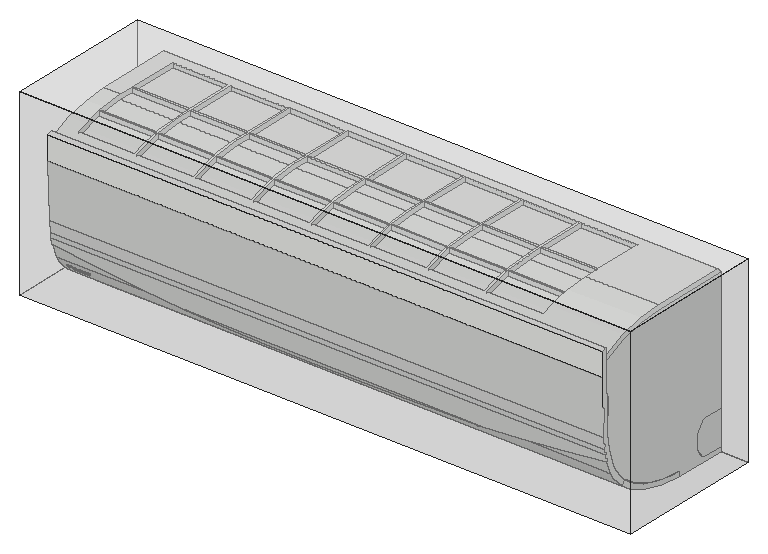
Revit family "outputfile", category 機械設備, Revit 2024 (continued)
Definition of nested family "DAIKIN_indoorunit_FTXV-W2VMA"
  Automatic sketch dimensions
    plane 1 "Center (Front/Back)" to Extrusion 20 sketch curve = 92.093 mm
    Extrusion 20 sketch curve to Extrusion 20 sketch curve = 1.354 mm
    Extrusion 20 sketch curve to level = 72.0 mm
    Extrusion 20 sketch curve to Extrusion 20 sketch curve = 0.504 mm
    Extrusion 20 sketch curve to Extrusion 20 sketch curve = 98.416 mm
    Extrusion 20 sketch curve to Extrusion 20 sketch curve = 0.896 mm
    Extrusion 20 sketch curve to Extrusion 20 sketch curve = 76.3 mm
    Extrusion 20 sketch curve to Extrusion 20 sketch curve = 7.433 mm
    Extrusion 20 sketch curve to Extrusion 20 sketch curve = 26.684 mm
    Extrusion 20 sketch curve to Extrusion 20 sketch curve = 8.909 mm
    plane 1 "Center (Front/Back)" to Extrusion 21 sketch curve = 218.957 mm
    Extrusion 21 sketch curve to Extrusion 21 sketch curve = 5.601 mm
    Extrusion 21 sketch curve to Extrusion 21 sketch curve = 65.735 mm
    Extrusion 21 sketch curve to Extrusion 21 sketch curve = 1.462 mm
    Extrusion 21 sketch curve to Extrusion 21 sketch curve = 83.356 mm
    plane 1 "Center (Front/Back)" to Extrusion 21 sketch curve = 92.093 mm
    Extrusion 21 sketch curve to Extrusion 21 sketch curve = 1.354 mm
    Extrusion 21 sketch curve to level = 291.755 mm
    Extrusion 21 sketch curve to Extrusion 21 sketch curve = 8.588 mm
    Extrusion 21 sketch curve to Extrusion 21 sketch curve = 29.018 mm
    Extrusion 21 sketch curve to Extrusion 21 sketch curve = 7.433 mm
    Extrusion 21 sketch curve to Extrusion 21 sketch curve = 75.403 mm
    Extrusion 21 sketch curve to Extrusion 21 sketch curve = 0.896 mm
    Extrusion 21 sketch curve to level = 72.504 mm
    Extrusion 21 sketch curve to Extrusion 21 sketch curve = 0.504 mm
    plane 1 "Center (Front/Back)" to Extrusion 22 sketch curve = 164.0 mm
    Extrusion 22 sketch curve to Extrusion 22 sketch curve = 34.0 mm
    plane 1 "Center (Front/Back)" to Extrusion 22 sketch curve = 92.093 mm
    Extrusion 22 sketch curve to Extrusion 22 sketch curve = 1.354 mm
    Extrusion 22 sketch curve to level = 291.755 mm
    Extrusion 22 sketch curve to Extrusion 22 sketch curve = 8.588 mm
    Extrusion 22 sketch curve to Extrusion 22 sketch curve = 0.077 mm
    Extrusion 22 sketch curve to Extrusion 22 sketch curve = 9.207 mm
    plane 1 "Center (Front/Back)" to Extrusion 23 sketch curve = 218.957 mm
    Extrusion 23 sketch curve to Extrusion 23 sketch curve = 5.601 mm
    Extrusion 23 sketch curve to Extrusion 23 sketch curve = 49.356 mm
    Extrusion 23 sketch curve to Extrusion 23 sketch curve = 65.735 mm
    Extrusion 23 sketch curve to Extrusion 23 sketch curve = 1.462 mm
    plane 1 "Center (Front/Back)" to Extrusion 23 sketch curve = 92.093 mm
    Extrusion 23 sketch curve to Extrusion 23 sketch curve = 1.354 mm
    Extrusion 23 sketch curve to level = 283.089 mm
    Extrusion 23 sketch curve to Extrusion 23 sketch curve = 9.207 mm
    Extrusion 23 sketch curve to Extrusion 23 sketch curve = 19.733 mm
    Extrusion 23 sketch curve to Extrusion 23 sketch curve = 7.433 mm
    Extrusion 23 sketch curve to Extrusion 23 sketch curve = 75.403 mm
    Extrusion 23 sketch curve to Extrusion 23 sketch curve = 0.896 mm
    Extrusion 23 sketch curve to level = 72.504 mm
    Extrusion 23 sketch curve to Extrusion 23 sketch curve = 0.504 mm
    Extrusion 24 sketch curve to level = 276.055 mm
    plane 1 "Center (Front/Back)" to Extrusion 24 sketch curve = 639.709 mm
    plane 1 "Center (Front/Back)" to Extrusion 24 sketch curve = 258.299 mm
    Extrusion 24 sketch curve to Extrusion 24 sketch curve = 2.64 mm
    Extrusion 24 sketch curve to Extrusion 24 sketch curve = 35.942 mm
    Extrusion 24 sketch curve to Extrusion 24 sketch curve = 1.937 mm
    Extrusion 24 sketch curve to Extrusion 24 sketch curve = 20.299 mm
    Extrusion 24 sketch curve to Extrusion 24 sketch curve = 45.88 mm
    Extrusion 24 sketch curve to Extrusion 24 sketch curve = 41.737 mm
    Extrusion 24 sketch curve to Extrusion 24 sketch curve = 13.741 mm
    Extrusion 24 sketch curve to Extrusion 24 sketch curve = 3.448 mm
    Extrusion 24 sketch curve to level = 253.495 mm
    Extrusion 24 sketch curve to Extrusion 24 sketch curve = 2.571 mm
    Extrusion 24 sketch curve to Extrusion 24 sketch curve = 37.558 mm
    Extrusion 24 sketch curve to Extrusion 24 sketch curve = 33.63 mm
    Extrusion 24 sketch curve to Extrusion 24 sketch curve = 0.492 mm
    Extrusion 24 sketch curve to Extrusion 24 sketch curve = 40.059 mm
    Extrusion 24 sketch curve to Extrusion 24 sketch curve = 22.435 mm
    Extrusion 24 sketch curve to Extrusion 24 sketch curve = 1.992 mm
    Extrusion 24 sketch curve to Extrusion 24 sketch curve = 37.063 mm
    Extrusion 24 sketch curve to Extrusion 24 sketch curve = 0.0 mm
    Extrusion 24 sketch curve to Extrusion 24 sketch curve = 4.147 mm
    Extrusion 25 sketch curve to Extrusion 25 sketch curve = 0.0 mm  (x4)
    Extrusion 25 sketch curve to plane 1 "Center (Front/Back)" = 0.0 mm
    plane 1 "Center (Front/Back)" to Extrusion 25 sketch curve = 87.233 mm
    Extrusion 25 sketch curve to Extrusion 25 sketch curve = 3.506 mm
    Extrusion 25 sketch curve to Extrusion 25 sketch curve = 92.593 mm
    Extrusion 25 sketch curve to Extrusion 25 sketch curve = 45.42 mm
    Extrusion 25 sketch curve to Extrusion 25 sketch curve = 58.927 mm
    Extrusion 25 sketch curve to Extrusion 25 sketch curve = 74.393 mm
    Extrusion 25 sketch curve to Extrusion 25 sketch curve = 2.031 mm
    Extrusion 25 sketch curve to level = 58.927 mm
    Extrusion 25 sketch curve to plane 1 "Center (Front/Back)" = 1866.935 mm
    Extrusion 25 sketch curve to level = 72.504 mm
    Extrusion 25 sketch curve to Extrusion 25 sketch curve = 74.381 mm
    Extrusion 25 sketch curve to Extrusion 25 sketch curve = 24.427 mm
    Extrusion 25 sketch curve to Extrusion 25 sketch curve = 74.426 mm
    Extrusion 25 sketch curve to Extrusion 25 sketch curve = 0.483 mm
    Extrusion 25 sketch curve to Extrusion 25 sketch curve = 4.137 mm
    Extrusion 25 sketch curve to Extrusion 25 sketch curve = 31.393 mm
    Extrusion 25 sketch curve to Extrusion 25 sketch curve = 9.215 mm
    Extrusion 25 sketch curve to level = 8.0 mm
    Extrusion 26 sketch curve to plane 1 "Center (Front/Back)" = 0.0 mm
    Extrusion 26 sketch curve to Extrusion 26 sketch curve = 20.0 mm  (x2)
    Extrusion 26 sketch curve to level = 287.035 mm
    Extrusion 27 sketch curve to plane 1 "Center (Front/Back)" = 0.0 mm
    Extrusion 27 sketch curve to Extrusion 27 sketch curve = 20.0 mm  (x2)
    Extrusion 27 sketch curve to level = 287.035 mm
    plane 1 "Center (Front/Back)" to Extrusion 28 sketch curve = 0.0 mm  (x2)
    plane 3 "Center (Left/Right)" to Extrusion 28 sketch curve = 469.0 mm
    Extrusion 28 sketch curve to Extrusion 28 sketch curve = 20.0 mm  (x4)
    Extrusion 28 sketch curve to plane 3 "Center (Left/Right)" = 409.0 mm
  Nested families
    nested 1: "daikin_logo_plane_w40" at (-320, -198.871, -233.244) x (1, 0, 0) z (0, -0.7841, -0.6206), visible <- "switch_unit1_20-46", type "daikin_logo_plane_w40"
      with show_logo yes
    nested 2: "daikin_logo_plane_w40" at (-430, -237.74, -233.244) x (1, 0, 0) z (0, -0.7841, -0.6206), visible <- "switch_unit1_50-71", type "daikin_logo_plane_w40"
      with show_logo yes
  Definition of nested family "daikin_logo_plane_w40"
    Parameters (values of type "daikin_logo_plane_w40")
      width = 40.0 mm
      show_logo [instance] = yes
      material = none
      height = 0.0 mm
      depth = 0.0 mm
      Default Elevation = 1219.2 mm
    Reference planes
      plane 1 "Center (Front/Back)": y = 0
      plane 2: z = 0
      plane 3 "Center (Left/Right)": x = 0
      plane 4: z = 2
      plane 5 "left": x = -19
      plane 6: x = 19
    Forms (mm)
      Extrusion 1, solid, visible <- "show_logo"
        sketch origin (-19, 0, 0) x (1, 0, 0) y (0, 1, 0)
          loop
            line (8.902, -1.878) -> (7.789, -6.332) -> (11.13, -6.332)
            arc (11.13, -6.332) -> (12.454, -6.064) -> (13.472, -5.176) r 2.642
            arc (13.472, -5.176) -> (13.92, -4.02) -> (13.767, -2.79) r 2.537
            arc (13.767, -2.79) -> (13.452, -2.342) -> (12.982, -2.06) r 1.321
            arc (12.982, -2.06) -> (12.063, -1.902) -> (11.13, -1.878) r 6.479
            line (11.13, -1.878) -> (8.902, -1.878)
          loop
            line (10.016, -5.441) -> (10.907, -5.441)
            arc (10.907, -5.441) -> (11.591, -4.983) -> (11.988, -4.261) r 1.742
            spline (11.988, -4.261) -> (12.01, -4.155) -> (12.027, -4.03) -> (12.037, -3.893) -> (12.037, -3.747) -> (12.026, -3.598) -> (12.002, -3.451) -> (11.962, -3.31) -> (11.905, -3.181) -> (11.829, -3.069) -> (11.731, -2.978) -> (11.61, -2.913) -> (11.464, -2.88)
            line (11.464, -2.88) -> (10.573, -2.88) -> (10.016, -5.441)
          loop
            line (13.58, -6.332) -> (14.805, -6.332) -> (15.223, -5.553) -> (16.977, -5.553) -> (17.144, -6.332) -> (19.149, -6.332) -> (18.258, -1.878) -> (16.03, -1.878) -> (13.58, -6.332)
          loop
            line (16.476, -3.214) -> (15.76, -4.551) -> (16.762, -4.551) -> (16.476, -3.214)
          loop
            line (19.705, -6.332) -> (21.599, -6.332) -> (22.712, -1.878) -> (20.819, -1.878) -> (19.705, -6.332)
          loop
            line (22.712, -6.332) -> (24.606, -6.332) -> (24.908, -5.122) -> (25.831, -6.332) -> (28.17, -6.332) -> (26.388, -3.994) -> (28.949, -1.878) -> (26.945, -1.878) -> (25.401, -3.153) -> (25.719, -1.878) -> (23.826, -1.878) -> (22.712, -6.332)
          loop
            line (29.84, -1.878) -> (28.615, -6.332) -> (30.62, -6.332) -> (31.734, -1.878) -> (29.84, -1.878)
          loop
            line (31.734, -6.332) -> (33.07, -6.332) -> (33.7, -3.814) -> (34.518, -6.332) -> (36.745, -6.332) -> (37.859, -1.878) -> (36.523, -1.878) -> (35.845, -4.589) -> (34.963, -1.878) -> (32.847, -1.878) -> (31.734, -6.332)
        from 0 to 2
      Extrusion 2, solid, visible <- "show_logo"
        sketch origin (-19, 0, 0) x (1, 0, 0) y (0, 1, 0)
          loop
            line (8.7, 0) -> (4.235, 0) -> (0, -3.879) -> (0, -8) -> (8.7, 0)
        from 0 to 2
      Extrusion 3, solid, visible <- "show_logo"
        sketch origin (-19, 0, 0) x (1, 0, 0) y (0, 1, 0)
          loop
            line (0, 0) -> (0, -3.879) -> (4.235, 0) -> (0, 0)
        from 0 to 2
    Dimensions and locks
      plane 4 to plane 2 = 2.0 mm
      equal spacing: plane 5 "left", plane 3 "Center (Left/Right)", plane 6
      locked: plane 5 "left" to plane 6 at 38
      aligned and locked: level to plane 2
      aligned and locked: Extrusion 3 to plane 1 "Center (Front/Back)"  (x2)
      aligned and locked: Extrusion 2 to plane 1 "Center (Front/Back)"  (x2)
      aligned and locked: plane 4 to Extrusion 1
      aligned and locked: plane 4 to Extrusion 3
      aligned and locked: plane 4 to Extrusion 2
      aligned and locked: Extrusion 3 to plane 5 "left"
      aligned and locked: Extrusion 2 to plane 5 "left"
    Automatic sketch dimensions
      Extrusion 1 sketch curve to Extrusion 1 sketch curve = 0.901 mm
      Extrusion 1 sketch curve to Extrusion 1 sketch curve = 1.559 mm
      Extrusion 1 sketch curve to Extrusion 1 sketch curve = 1.327 mm
      Extrusion 1 sketch curve to Extrusion 1 sketch curve = 2.145 mm
      Extrusion 1 sketch curve to Extrusion 1 sketch curve = 1.448 mm
      Extrusion 1 sketch curve to Extrusion 1 sketch curve = 2.116 mm
      Extrusion 1 sketch curve to Extrusion 1 sketch curve = 1.114 mm  (x4)
      Extrusion 1 sketch curve to Extrusion 1 sketch curve = 1.336 mm  (x2)
      plane 1 "Center (Front/Back)" to Extrusion 1 sketch curve = 1.878 mm  (x5)
      Extrusion 1 sketch curve to Extrusion 1 sketch curve = 1.893 mm  (x5)
      Extrusion 1 sketch curve to Extrusion 1 sketch curve = 0.891 mm  (x4)
      Extrusion 1 sketch curve to Extrusion 1 sketch curve = 2.005 mm  (x3)
      Extrusion 1 sketch curve to Extrusion 1 sketch curve = 0.445 mm  (x2)
      plane 1 "Center (Front/Back)" to Extrusion 1 sketch curve = 3.994 mm
      Extrusion 1 sketch curve to Extrusion 1 sketch curve = 0.557 mm  (x2)
      Extrusion 1 sketch curve to Extrusion 1 sketch curve = 2.339 mm  (x2)
      Extrusion 1 sketch curve to Extrusion 1 sketch curve = 1.225 mm  (x3)
      plane 1 "Center (Front/Back)" to Extrusion 1 sketch curve = 3.153 mm
      Extrusion 1 sketch curve to Extrusion 1 sketch curve = 0.987 mm
      plane 1 "Center (Front/Back)" to Extrusion 1 sketch curve = 5.122 mm
      Extrusion 1 sketch curve to Extrusion 1 sketch curve = 0.922 mm
      plane 1 "Center (Front/Back)" to Extrusion 1 sketch curve = 6.332 mm
      Extrusion 1 sketch curve to Extrusion 1 sketch curve = 2.562 mm
      plane 1 "Center (Front/Back)" to Extrusion 1 sketch curve = 5.553 mm
      Extrusion 1 sketch curve to Extrusion 1 sketch curve = 0.167 mm
      Extrusion 1 sketch curve to Extrusion 1 sketch curve = 0.215 mm
      plane 1 "Center (Front/Back)" to Extrusion 1 sketch curve = 3.214 mm
      Extrusion 1 sketch curve to Extrusion 1 sketch curve = 0.286 mm
      plane 1 "Center (Front/Back)" to Extrusion 1 sketch curve = 4.551 mm
      Extrusion 1 sketch curve to Extrusion 1 sketch curve = 1.002 mm
      Extrusion 1 sketch curve to Extrusion 1 sketch curve = 0.537 mm
      Extrusion 1 sketch curve to Extrusion 1 sketch curve = 0.418 mm
      Extrusion 1 sketch curve to Extrusion 1 sketch curve = 1.028 mm
      plane 1 "Center (Front/Back)" to Extrusion 1 sketch curve = 4.261 mm
      Extrusion 1 sketch curve to Extrusion 1 sketch curve = 0.563 mm
      plane 1 "Center (Front/Back)" to Extrusion 1 sketch curve = 2.88 mm
      Extrusion 1 sketch curve to Extrusion 1 sketch curve = 1.088 mm
      Extrusion 1 sketch curve to Extrusion 1 sketch curve = 2.152 mm
      Extrusion 1 sketch curve to Extrusion 1 sketch curve = 0.586 mm
      Extrusion 1 sketch curve to Extrusion 1 sketch curve = 0.118 mm
      Extrusion 1 sketch curve to Extrusion 1 sketch curve = 0.298 mm
      Extrusion 1 sketch curve to Extrusion 1 sketch curve = 0.334 mm
      Extrusion 1 sketch curve to Extrusion 1 sketch curve = 0.223 mm
      Extrusion 1 sketch curve to Extrusion 1 sketch curve = 0.266 mm
      Extrusion 1 sketch curve to Extrusion 1 sketch curve = 1.671 mm
      Extrusion 1 sketch curve to Extrusion 1 sketch curve = 2.227 mm
      Extrusion 1 sketch curve to Extrusion 1 sketch curve = 0.0 mm  (x7)
      Extrusion 1 sketch curve to Extrusion 1 sketch curve = 3.453 mm
      Extrusion 1 sketch curve to Extrusion 1 sketch curve = 2.017 mm
      Extrusion 1 sketch curve to Extrusion 1 sketch curve = 0.78 mm  (x2)
      Extrusion 1 sketch curve to Extrusion 1 sketch curve = 1.743 mm
      Extrusion 1 sketch curve to Extrusion 1 sketch curve = 0.775 mm
      Extrusion 1 sketch curve to Extrusion 1 sketch curve = 0.552 mm
      Extrusion 1 sketch curve to Extrusion 1 sketch curve = 0.014 mm
      Extrusion 1 sketch curve to Extrusion 1 sketch curve = 0.952 mm
      Extrusion 1 sketch curve to Extrusion 1 sketch curve = 1.215 mm
      Extrusion 1 sketch curve to Extrusion 1 sketch curve = 0.108 mm
      plane 1 "Center (Front/Back)" to Extrusion 2 sketch curve = 0.0 mm
      Extrusion 2 sketch curve to plane 3 "Center (Left/Right)" = 19.0 mm
      Extrusion 2 sketch curve to plane 3 "Center (Left/Right)" = 14.765 mm
      Extrusion 2 sketch curve to Extrusion 2 sketch curve = 4.465 mm
      plane 1 "Center (Front/Back)" to Extrusion 2 sketch curve = 3.879 mm
      Extrusion 2 sketch curve to Extrusion 2 sketch curve = 4.12 mm
      plane 1 "Center (Front/Back)" to Extrusion 3 sketch curve = 0.0 mm
      Extrusion 3 sketch curve to plane 3 "Center (Left/Right)" = 19.0 mm
      Extrusion 3 sketch curve to plane 3 "Center (Left/Right)" = 14.765 mm
      plane 1 "Center (Front/Back)" to Extrusion 3 sketch curve = 3.879 mm
      Extrusion 1 sketch curve to plane 3 "Center (Left/Right)" = 11.211 mm
      Extrusion 1 sketch curve to Extrusion 1 sketch curve = 1.782 mm
Definition of nested family "daikin_connector_rotate3"
  Parameters (values of type "daikin_connector_rotate3")
    show [instance] = yes
    radius [instance] = 10.0 mm
    length [instance] = 600.0 mm
    angle_horizontal [instance] = 60.00°
    angle_vertical [instance] = 90.00°
    Default Elevation = 1219.2 mm
  Reference planes
    plane 1 "Center (Front/Back)": y = 0
    plane 2: z = 0
    plane 3 "Center (Left/Right)": x = 0
  Dimensions and locks
    "angle_horizontal": angle plane 3 "Center (Left/Right)" to nested 1
    aligned and locked: level to plane 2
    aligned and locked: plane 1 "Center (Front/Back)" to nested 1  (x2)
    aligned and locked: plane 3 "Center (Left/Right)" to nested 1
  Nested families
    nested 1: "daikin_connector_rotate2" at (0, 0, 0) x (0.5, 0.866, 0) z (0, 0, 1), angle_vertical <- "angle_vertical", length <- "length", radius <- "radius", type "daikin_connector_rotate2"
      with radius 10.0 mm, length 600.0 mm, angle_vertical 90.00°
  Definition of nested family "daikin_connector_rotate2"
    Parameters (values of type "daikin_connector_rotate2")
      show_face = yes
      radius [instance] = 10.0 mm
      length [instance] = 600.0 mm
      d_surface = 10.0 mm
      angle_vertical [instance] = 90.00°
      Default Elevation = 0.0 mm
    Reference planes
      plane 1 "Center (Front/Back)": y = 0
      plane 2: z = 0
      plane 3 "Center (Left/Right)": x = 0
    Forms (mm)
      Extrusion 1, solid, visible <- "show_face"
        sketch origin (0, -600, 0) x (1, 0, 0) y (0, 0, 1)
          loop
            circle (0, 0) r 10
        from 0 to -10
    Lines and regions (mm)
      reference lines
        curve 1: line (0, 0, 0) -> (0, -600, 0)
      symbolic lines
        curve 2: circle (0, 0, 0) r 5 normal (0, 0, 1)
      model lines, visible <- "show_face"
        curve 3: line (0, 0, 0) -> (0, -600, 0)
    Dimensions and locks
      "length": curve 1 to curve 1
      "length": curve 3 to curve 3
      "d_surface": Extrusion 1 to Extrusion 1
      "radius": radius of Extrusion 1 sketch curve
      "angle_vertical": angle curve 1 to plane 1 "Center (Front/Back)"
      "angle_vertical": angle curve 3 to plane 1 "Center (Front/Back)"
      aligned and locked: level to plane 2
      aligned and locked: plane 1 "Center (Front/Back)" to curve 1
      aligned and locked: plane 2 to curve 1
      aligned and locked: plane 1 "Center (Front/Back)" to curve 2
      aligned and locked: plane 3 "Center (Left/Right)" to curve 2
      aligned and locked: plane 1 "Center (Front/Back)" to curve 3
      aligned and locked: plane 2 to curve 3
      aligned and locked: Extrusion 1 to Extrusion 1
    Automatic sketch dimensions
      Extrusion 1 sketch curve to level = 0.0 mm
      Extrusion 1 sketch curve to plane 3 "Center (Left/Right)" = 0.0 mm
      radius of curve 2 = 5.0 mm
